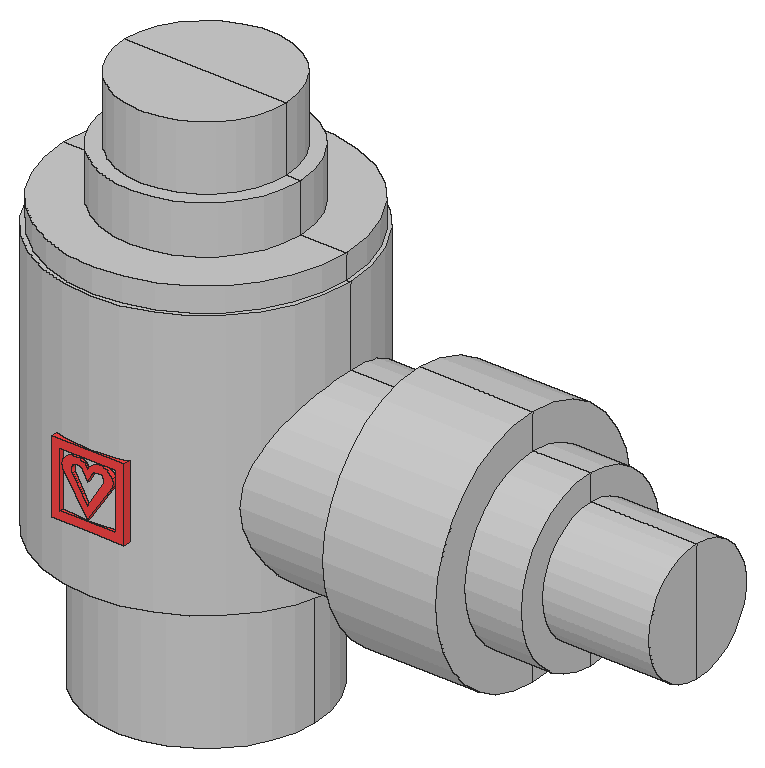
Revit family "Клапан для отключения радиатора с высокой пропускной способностью HERZ-RL-1-E, угловой 3724", category Rohrzubehör, Revit 2018
Family settings
  Bemaßung runder Anschluss = Durchmesser verwenden
  Teiletyp = Unterbricht
  OmniClass-Nummer = 23.65.55.14
  OmniClass-Titel = Valves for Liquid Services
  Arbeitsebenenbasiert = Nein
  Immer vertikal = Nein
  Beim Laden mit Abzugskörper schneiden = Nein
  Gemeinsam genutzt = Nein
Parameters
  Среда = "Качество воды в соответствии с ÖNORM H 5195 или директивой VDI 2035."
  Область применения = "Система водяного отопления. С помощью установки радиаторных запорных клапанов возможно осуществить перекрытие обратного потока нагревательных приборов. При одновременном перекрытии с клапаном на подающем трубопроводе возможен демонтаж радиатора в системе, которая находится под давлением."
  Номер заказа [instance] = size_lookup("3724_1E_", "Artnr", 0, Nennweite)  # 1372401
  Макс. рабочее давление = 1000000.0 Pa  # constant formula
  Макс. рабочая температура = 120 °C  # constant formula
  Корпус = "Никелированная латунь"  # constant formula
  Исполнение = "Стандартные модели с резьбовой муфтой в никелированном исполнении."
  W01 = 120.00°  # constant formula
  URL = "www.herz-armaturen.ru"
  SCRNSEQ = "ARM;ARM_TYP=\"ALLF\";2"
  SCRNCODE = "05;01;02"  # constant formula
  S04 = 45.000 mm  # constant formula
  S03 [instance] = H02 - 5.000 mm + 41.000 mm  # 57.500 mm
  S02 [instance] = L04 + L03 - L02  # 26.800 mm
  S01 = 10.000 mm  # constant formula
  R04 = 10.000 mm  # constant formula
  R03 = 11.750 mm  # constant formula
  R02 = 17.500 mm  # constant formula
  Nennweite [instance] = 15.000 mm
  LO1 [instance] = R01 - 0.500 mm  # 17.500 mm
  L05 = 19.500 mm  # constant formula
  L04 [instance] = size_lookup("3724_1E_", "L4", 1.000 mm, Nennweite)  # 20.300 mm
  L03 [instance] = size_lookup("3724_1E_", "L3", 1.000 mm, Nennweite)  # 14.000 mm
  L02 [instance] = size_lookup("3724_1E_", "L2", 1.000 mm, Nennweite)  # 7.500 mm
  L01 [instance] = size_lookup("3724_1E_", "L1", 1.000 mm, Nennweite)  # 34.000 mm
  Hersteller = "HERZ Armaturen Ges.m.b.H."  # constant formula
  H06 = 14.000 mm  # constant formula
  H05 = 8.000 mm  # constant formula
  H04 = 17.000 mm  # constant formula
  H03 [instance] = H01 - D03  # 17.250 mm
  H02 [instance] = size_lookup("3724_1E_", "H2", 1.000 mm, Nennweite) - 5.000 mm  # 21.500 mm
  H01 [instance] = size_lookup("3724_1E_", "H1", 1.000 mm, Nennweite)  # 29.000 mm
  GT1 [instance] = size_lookup("3724_1E_", "GT1", 1.000 mm, Nennweite)  # 13.200 mm
  GT [instance] = size_lookup("3724_1E_", "GT", 1.000 mm, Nennweite)  # 12.300 mm
  G2 [instance] = Nennweite / 2  # 7.500 mm
  G1 [instance] = Nennweite / 2  # 7.500 mm
  R01 = 18.000 mm  # constant formula
  D05 [instance] = size_lookup("3724_1E_", "D5", 1.000 mm, Nennweite)  # 10.650 mm
  D04 [instance] = size_lookup("3724_1E_", "D4", 1.000 mm, Nennweite)  # 15.000 mm
  D03 [instance] = size_lookup("3724_1E_", "D3", 1.000 mm, Nennweite)  # 11.750 mm
  D02 [instance] = size_lookup("3724_1E_", "D2", 1.000 mm, Nennweite)  # 9.525 mm
  D01 [instance] = size_lookup("3724_1E_", "D1", 1.000 mm, Nennweite)  # 13.500 mm
Reference planes
  plane 1 "Mitte (Vorne/hinten)": y = 0
  plane 2: z = 0
  plane 3 "Mitte (Links/rechts)": x = 0
Forms (mm)
  Revolve 1, solid, material "Messing, weicher Gelbton, geschweißt", detail levels fine
    sketch origin (0, 0, 0) x (1, 0, 0) y (0, 0, 1)
      loop
        line (0, 21.5) -> (-18, 21.5) -> (-18, -11.75) -> (-13.5, -11.75) -> (-13.5, -29) -> (-7.5, -29) -> (-7.5, -16.7) -> (0, -16.7) -> (0, 21.5)
      axis (0, 21.5) -> (0, -29)
    angle from 0 to 360
  Revolve 2, solid, material "Messing, weicher Gelbton, geschweißt", detail levels fine
    sketch origin (0, 0, 0) x (1, 0, 0) y (0, 0, 1)
      loop
        line (34, 0) -> (34, 9.525) -> (26.5, 9.525) -> (26.5, 11.75) -> (0, 11.75) -> (0, 0) -> (34, 0)
      axis (0, 0) -> (34, 0)
    angle from 0 to 360
  Revolve 3, solid, material "Messing, weicher Gelbton, geschweißt", detail levels fine
    sketch origin (-1, 0, 0) x (1, 0, 0) y (0, 0, 1)
      loop
        line (35, 0) -> (61.8, 0) -> (61.8, 7.5) -> (48.6, 7.5) -> (48.6, 10.65) -> (41.5, 10.65) -> (41.5, 15) -> (27.5, 15) -> (27.5, 9.525) -> (35, 9.525) -> (35, 0)
      axis (27.5, 0) -> (61.8, 0)
    angle from 0 to 360
  Revolve 4, solid, material "Messing, weicher Gelbton, geschweißt", detail levels fine
    sketch origin (0, 0, 0) x (1, 0, 0) y (0, 0, 1)
      loop
        line (0, 21.5) -> (0, 38.5) -> (-10, 38.5) -> (-10, 30.5) -> (-11.75, 30.5) -> (-11.75, 24.5) -> (-17.5, 24.5) -> (-17.5, 21.5) -> (0, 21.5)
      axis (0, 38.5) -> (0, 21.5)
    angle from 0 to 360
Lines and regions (mm)
  model lines, detail levels coarse+medium
    curve 1: line (0, 0, 0) -> (13.5, 0, -29)
    curve 2: line (13.5, 0, -29) -> (-13.5, 0, -29)
    curve 3: line (-13.5, 0, -29) -> (0, 0, 0)
    curve 4: line (0, 0, 0) -> (34, 0, 15)
    curve 5: line (34, 0, 15) -> (34, 0, -15)
    curve 6: line (34, 0, -15) -> (0, 0, 0)
    curve 7: line (34, 0, 15) -> (44, 0, 15)
    curve 8: line (44, 0, 15) -> (34, 0, 0)
    curve 9: line (34, 0, -15) -> (44, 0, -15)
    curve 10: line (44, 0, -15) -> (34, 0, 0)
    curve 11: line (34, 0, 0) -> (60.8, 0, 0)
    curve 12: line (0, 0, 0) -> (13.5, -29, 0)
    curve 13: line (13.5, -29, 0) -> (-13.5, -29, 0)
    curve 14: line (-13.5, -29, 0) -> (0, 0, 0)
    curve 15: line (0, 0, 0) -> (34, 15, 0)
    curve 16: line (34, 15, 0) -> (34, -15, 0)
    curve 17: line (34, -15, 0) -> (0, 0, 0)
    curve 18: line (34, 15, 0) -> (44, 15, 0)
    curve 19: line (44, 15, 0) -> (34, 0, 0)
    curve 20: line (34, -15, 0) -> (44, -15, 0)
    curve 21: line (34, 0, 0) -> (44, -15, 0)
Dimensions and locks
  "H02": Revolve 1 sketch curve to plane 2
  "H01": plane 2 to Revolve 1 sketch curve
  "R01": Revolve 1 sketch curve to Revolve 1 sketch curve
  "G1": Revolve 1 sketch curve to Revolve 1 sketch curve
  "D01": Revolve 1 sketch curve to Revolve 1 sketch curve
  "GT": Revolve 1 sketch curve to Revolve 1 sketch curve
  "H03": Revolve 1 sketch curve to Revolve 1 sketch curve
  "L02": Revolve 2 sketch curve to Revolve 2 sketch curve
  "LO1": nested 1 to plane 1 "Mitte (Vorne/hinten)"
  "L02": Revolve 3 sketch curve to Revolve 3 sketch curve
  "L03": Revolve 3 sketch curve to Revolve 3 sketch curve
  "L04": Revolve 3 sketch curve to Revolve 3 sketch curve
  "D04": Revolve 3 sketch curve to Revolve 3 sketch curve
  "G2": Revolve 3 sketch curve to Revolve 3 sketch curve
  "D05": Revolve 3 sketch curve to Revolve 3 sketch curve
  "GT1": Revolve 3 sketch curve to Revolve 3 sketch curve
  "L01": plane 3 "Mitte (Links/rechts)" to Revolve 3 sketch curve
  "D02": Revolve 3 sketch curve to plane 2
  "H01": plane 2 to curve 2
  "L01": curve 5 to plane 3 "Mitte (Links/rechts)"
  "D01": curve 2 to plane 3 "Mitte (Links/rechts)" to curve 3
  "D04": curve 5 to plane 2 to curve 6
  "S01": curve 5 to curve 8
  "S01": curve 5 to curve 10
  "S02": curve 11 to curve 11
  "H01": curve 13 to plane 1 "Mitte (Vorne/hinten)"
  "D01": curve 14 to plane 3 "Mitte (Links/rechts)" to curve 13
  "L01": plane 3 "Mitte (Links/rechts)" to curve 16
  "D04": curve 17 to plane 1 "Mitte (Vorne/hinten)" to curve 16
  "S01": curve 16 to curve 19
  "S01": curve 16 to curve 21
  "L01": Revolve 2 sketch curve to plane 3 "Mitte (Links/rechts)"
  "D03": Revolve 2 sketch curve to plane 2
  "D02": Revolve 2 sketch curve to plane 2
  "H02": Revolve 4 sketch curve to plane 2
  "H04": Revolve 4 sketch curve to Revolve 4 sketch curve
  "H05": Revolve 4 sketch curve to Revolve 4 sketch curve
  "H06": Revolve 4 sketch curve to Revolve 4 sketch curve
  "R04": Revolve 4 sketch curve to Revolve 4 sketch curve
  "R03": Revolve 4 sketch curve to Revolve 4 sketch curve
  "R02": Revolve 4 sketch curve to Revolve 4 sketch curve
  aligned and locked: level to plane 2
Automatic sketch dimensions
  curve 4 to level = 0.000 mm
  curve 4 to plane 3 "Mitte (Links/rechts)" = 0.000 mm
  curve 11 to level = 0.000 mm
  curve 8 to level = 0.000 mm
  plane 1 "Mitte (Vorne/hinten)" to curve 14 = 0.000 mm
  curve 14 to plane 3 "Mitte (Links/rechts)" = 0.000 mm
  plane 1 "Mitte (Vorne/hinten)" to curve 19 = 0.000 mm
  Revolve 1 sketch curve to plane 3 "Mitte (Links/rechts)" = 0.000 mm  (x2)
  Revolve 1 sketch curve to Revolve 1 sketch curve = 345.545 mm
  Revolve 1 sketch curve to Revolve 1 sketch curve = 2189.815 mm
  Revolve 2 sketch curve to level = 0.000 mm  (x2)
  Revolve 2 sketch curve to plane 3 "Mitte (Links/rechts)" = 0.000 mm
  Revolve 2 sketch curve to plane 3 "Mitte (Links/rechts)" = 1506.530 mm
  Revolve 2 sketch curve to Revolve 2 sketch curve = 1815.148 mm
  Revolve 3 sketch curve to level = 0.000 mm  (x2)
  Revolve 3 sketch curve to plane 3 "Mitte (Links/rechts)" = 1507.530 mm
  Revolve 3 sketch curve to Revolve 3 sketch curve = 1789.648 mm
  Revolve 4 sketch curve to plane 3 "Mitte (Links/rechts)" = 0.000 mm  (x2)
  Revolve 4 sketch curve to level = 366.045 mm
  Revolve 4 sketch curve to Revolve 4 sketch curve = 2164.815 mm
Nested families
  nested 1: "Herz-Logo-vorne" at (0, -17.5, 0) x (0, -1, 0) z (0, 0, 1), type "Herz-Logo-vorne", detail levels fine
Connectors
  piping at (0, 0, -16.7), diameter 15, driven by "Nennweite"
    settings: on Revolve 1, index 1, connector inside diameter 609.6 mm, connector length 0.000 mm, flow factor 0, pipe flow 0.0 L/s, pressure drop 0.0 Pa, fitting loss kfactor 0, connector angle 0.00°, fixture units 0, engagement length 0.000 mm, angle of deflection 0.00°, flow configuration 0, flow direction 1, fitting loss method 0, system type 8, joint type 0, gender type 0, connector reference index -1, connector utility 0, adjustable connector no, is connector primary yes, connector description ""
  piping at (60.8, 0, 0), diameter 15, driven by "Nennweite"
    settings: on Revolve 3, index 2, connector inside diameter 609.6 mm, connector length 0.000 mm, flow factor 0, pipe flow 0.0 L/s, pressure drop 0.0 Pa, fitting loss kfactor 0, connector angle 0.00°, fixture units 0, engagement length 0.000 mm, angle of deflection 0.00°, flow configuration 0, flow direction 2, fitting loss method 0, system type 8, joint type 0, gender type 0, connector reference index -1, connector utility 0, adjustable connector no, is connector primary no, connector description ""
Definition of nested family "Herz-Logo-vorne"
  Reference planes
    plane 1 "Mitte (Vorne/hinten)": y = 0
    plane 2: z = 0
    plane 3 "Mitte (Links/rechts)": x = 0
  Forms (mm)
    Extrusion 1, solid
      sketch origin (0.732, -0.018, 0.017) x (0, -1, 0) y (0, 0, 1)
        loop
          line (-0.018, -4.517) -> (4.482, -4.517) -> (4.482, 4.483) -> (-4.518, 4.483) -> (-4.518, -4.517) -> (-0.018, -4.517)
        loop
          line (-0.05, -3.48) -> (3.482, -3.48) -> (3.482, 3.483) -> (-3.518, 3.483) -> (-3.518, -3.48) -> (-0.05, -3.48)
        loop
          arc (-0.018, 2.383) -> (-1.543, 3.287) -> (-3.067, 2.383) r 1.738
          arc (-3.067, 2.383) -> (-3.191, 1.899) -> (-3.067, 1.415) r 1.009
          line (-3.067, 1.415) -> (-0.018, -3.281) -> (3.032, 1.415)
          arc (3.032, 1.415) -> (3.156, 1.899) -> (3.032, 2.383) r 1.009
          arc (3.032, 2.383) -> (1.507, 3.287) -> (-0.018, 2.383) r 1.738
        loop
          arc (1.885, 1.272) -> (2.005, 1.675) -> (1.885, 2.079) r 0.74
          arc (1.885, 2.079) -> (1.265, 2.416) -> (0.644, 2.079) r 0.74
          line (0.644, 2.079) -> (-0.018, 0.97) -> (-0.679, 2.079)
          arc (-0.679, 2.079) -> (-1.3, 2.416) -> (-1.921, 2.079) r 0.74
          arc (-1.921, 2.079) -> (-2.04, 1.675) -> (-1.921, 1.272) r 0.74
          line (-1.921, 1.272) -> (-0.018, -1.658) -> (1.885, 1.272)
      from 0 to 1.5
  Dimensions and locks
    aligned and locked: level to plane 2
